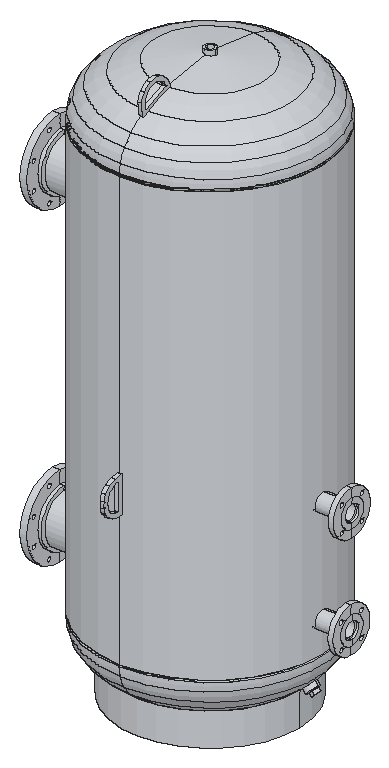
Revit family "HBT-210-26", category Generic Models, Revit 2014
Parameters (values of type "HBT-210-26")
  height [instance] = 75"
  URL = "http://westank.com/"
  Tank Volume = 210 gal
  Part Number = 55642126
  Model = "HBT-210-26"
  Maximum Shipping Weight = 454 lbf
  G = 14"
  F = 28"
  E = 58"
  Description = "Wessels ASME 4 Port Hot Water Buffer Tanks (HBT) are designed for use with today’s high efficiency systems that incorporate small modular low-mass boiler."
  D = 76 1/2"
  C = 30"
  B = 6"
  A = 2"
Reference planes (in)
  plane 1 "Center (Front/Back)": y = 0
  plane 2: z = 0
  plane 3 "Center (Left/Right)": x = 0
  plane 4: through (12.55282, -180, 5.24135) normal (0.8192, 0, -0.5736)
  plane 5: x = -15
  plane 6: x = 15
  plane 7: z = 0
  plane 8: y = 15
  plane 9: y = -15
  plane 10: x = -12
  plane 11: x = 12
  plane 12: z = 76.5
  plane 13: z = 58
  plane 14: z = 28
  plane 15: z = 14
Forms (in)
  Revolve 1, solid
    sketch origin (0, -0.02461, 0) x (0, 1, 0) y (0, 0, 1)
      loop
        line (-14.97539, 9.87397) -> (-14.812, 9.87397)
        arc (-14.812, 9.87397) -> (-14.83596, 9.78454) -> (-14.90143, 9.71907) r 0.17887
        arc (-14.90143, 9.71907) -> (-14.94991, 9.64836) -> (-14.97579, 9.56662) r 0.29232
        arc (-14.97579, 9.56662) -> (-14.96586, 8.98455) -> (-14.89468, 8.40676) r 5.51955
        arc (-14.89468, 8.40676) -> (-14.65184, 7.56116) -> (-14.23912, 6.78419) r 4.22443
        arc (-14.23912, 6.78419) -> (-13.71208, 6.0842) -> (-13.11424, 5.44361) r 8.30764
        arc (-13.11424, 5.44361) -> (-11.99363, 4.5369) -> (-10.73315, 3.83755) r 8.30764
        arc (-10.73315, 3.83755) -> (-9.02248, 3.06195) -> (-7.23223, 2.49367) r 15.88746
        arc (-7.23223, 2.49367) -> (-3.63165, 1.79117) -> (0.02461, 1.49214) r 33.04234
        line (0.02461, 1.49214) -> (0.02461, 1.66407)
        arc (0.02461, 1.66407) -> (-3.61037, 1.96174) -> (-7.19, 2.66027) r 32.87047
        arc (-7.19, 2.66027) -> (-8.96351, 3.22342) -> (-10.65802, 3.99223) r 15.71558
        arc (-10.65802, 3.99223) -> (-11.8952, 4.67783) -> (-12.99495, 5.56734) r 8.13577
        arc (-12.99495, 5.56734) -> (-13.58042, 6.19468) -> (-14.09655, 6.88019) r 8.13577
        arc (-14.09655, 6.88019) -> (-14.49248, 7.62554) -> (-14.72544, 8.43674) r 4.05256
        arc (-14.72544, 8.43674) -> (-14.79395, 8.9901) -> (-14.80447, 9.54759) r 5.34767
        arc (-14.80447, 9.54759) -> (-14.7971, 9.56945) -> (-14.78569, 9.5895) r 0.12044
        arc (-14.78569, 9.5895) -> (-14.67439, 9.72277) -> (-14.64064, 9.89308) r 0.35074
        line (-14.64064, 9.89308) -> (-14.84715, 9.89308) -> (-14.84715, 68.08064) -> (-14.64151, 68.08064)
        arc (-14.64151, 68.08064) -> (-14.67184, 68.25757) -> (-14.78573, 68.39633) r 0.35074
        arc (-14.78573, 68.39633) -> (-14.79712, 68.41638) -> (-14.80449, 68.43823) r 0.12045
        arc (-14.80449, 68.43823) -> (-14.79397, 68.99572) -> (-14.72546, 69.54908) r 5.34768
        arc (-14.72546, 69.54908) -> (-14.4925, 70.36028) -> (-14.09657, 71.10564) r 4.05257
        arc (-14.09657, 71.10564) -> (-13.58043, 71.79115) -> (-12.99497, 72.41848) r 8.13578
        arc (-12.99497, 72.41848) -> (-11.89524, 73.30799) -> (-10.65807, 73.99358) r 8.13578
        arc (-10.65807, 73.99358) -> (-8.96355, 74.76239) -> (-7.19005, 75.32553) r 15.71558
        arc (-7.19005, 75.32553) -> (-3.61055, 76.02404) -> (0.02429, 76.32172) r 32.87045
        line (0.02429, 76.32172) -> (0.02429, 76.49546)
        arc (0.02429, 76.49546) -> (-3.63245, 76.19641) -> (-7.2335, 75.49382) r 33.04334
        arc (-7.2335, 75.49382) -> (-9.02402, 74.92542) -> (-10.73493, 74.14967) r 15.88853
        arc (-10.73493, 74.14967) -> (-11.99625, 73.44992) -> (-13.11754, 72.54258) r 8.30893
        arc (-13.11754, 72.54258) -> (-13.7162, 71.90114) -> (-14.24389, 71.20015) r 8.30923
        arc (-14.24389, 71.20015) -> (-14.65697, 70.4227) -> (-14.90005, 69.57655) r 4.22701
        arc (-14.90005, 69.57655) -> (-14.97148, 68.99602) -> (-14.98111, 68.41119) r 5.52257
        arc (-14.98111, 68.41119) -> (-14.95423, 68.32481) -> (-14.90267, 68.25048) r 0.29803
        arc (-14.90267, 68.25048) -> (-14.837, 68.18345) -> (-14.81302, 68.09272) r 0.18362
        line (-14.81302, 68.09272) -> (-14.97539, 68.09272) -> (-14.97539, 9.87397)
      axis (0.02461, 1.49214) -> (0.02461, 76.49546)
    angle from 0 to 360
  Revolve 2, solid
    sketch origin (-1.82085, 0, 2.88409) x (0.981353, 0, -0.192215) y (0.192215, 0, 0.981353)
      loop
        line (14.71753, 6.11956) -> (14.66586, 6.1556) -> (14.25436, 5.56561) -> (14.86992, 5.13627) -> (15.24588, 5.6753) -> (15.19462, 5.71106) -> (15.31904, 5.88945) -> (14.80641, 6.24699) -> (14.71753, 6.11956)
      axis (14.25436, 5.56561) -> (14.86992, 5.13627)
    angle from 0 to 360
  Extrusion 3, solid
    sketch origin (13.38203, -180, 6.13049) x (0.718765, 0, 0.695254) y (0, -1, 0)
      loop
        line (-0.16036, -179.52645) -> (-0.95521, -179.68698) -> (-0.79485, -180.48095) -> (0, -180.32042) -> (-0.16036, -179.52645)
    from 1.02698 to 1.52678
  Extrusion 4, solid
    sketch origin (0, -3.06035, 6.47257) x (0, 1, 0) y (0, 0, 1)
      loop
        line (-11.93439, 21.33067) -> (-11.93439, 26.202)
        arc (-11.93439, 26.202) -> (-12.47846, 26.15164) -> (-13.01533, 26.05008) r 5.77422
        arc (-13.01533, 26.05008) -> (-13.49297, 25.89754) -> (-13.94252, 25.67548) r 3.35288
        arc (-13.94252, 25.67548) -> (-14.34081, 25.36666) -> (-14.64962, 24.96837) r 2.0073
        arc (-14.64962, 24.96837) -> (-14.80343, 24.58932) -> (-14.88788, 24.18906) r 2.30742
        arc (-14.88788, 24.18906) -> (-14.91277, 23.77188) -> (-14.88788, 23.3547) r 3.50846
        arc (-14.88788, 23.3547) -> (-14.79412, 22.92876) -> (-14.61961, 22.52904) r 2.24053
        arc (-14.61961, 22.52904) -> (-14.27401, 22.08806) -> (-13.80999, 21.77406) r 1.8078
        arc (-13.80999, 21.77406) -> (-13.34321, 21.55591) -> (-12.84107, 21.44044) r 2.44481
        arc (-12.84107, 21.44044) -> (-12.39043, 21.36326) -> (-11.93439, 21.33067) r 4.65484
      loop
        arc (-12.44611, 25.63929) -> (-12.67227, 25.60073) -> (-12.89654, 25.55235) r 5.2625
        arc (-12.89654, 25.55235) -> (-13.30128, 25.42308) -> (-13.68221, 25.23491) r 2.84116
        arc (-13.68221, 25.23491) -> (-13.97364, 25.01013) -> (-14.20134, 24.72098) r 1.49558
        arc (-14.20134, 24.72098) -> (-14.3163, 24.43235) -> (-14.37979, 24.12821) r 1.7957
        arc (-14.37979, 24.12821) -> (-14.40106, 23.77188) -> (-14.37979, 23.41555) r 2.99674
        arc (-14.37979, 23.41555) -> (-14.30745, 23.08689) -> (-14.17279, 22.77846) r 1.72881
        arc (-14.17279, 22.77846) -> (-13.91552, 22.45353) -> (-13.56884, 22.22643) r 1.29608
        arc (-13.56884, 22.22643) -> (-13.1779, 22.0402) -> (-12.75531, 21.94566) r 1.9331
        arc (-12.75531, 21.94566) -> (-12.60126, 21.91347) -> (-12.44611, 21.88716) r 4.14312
        line (-12.44611, 21.88716) -> (-12.44611, 25.63929)
    from -0.24366 to 0.25634
  Extrusion 5, solid
    sketch origin (0, -27.08534, 55.11684) x (0, 0.366501, -0.930418) y (0, 0.930418, 0.366501)
      loop
        arc (-12.0461, 25.71684) -> (-12.27227, 25.67827) -> (-12.49653, 25.62989) r 5.2625
        arc (-12.49653, 25.62989) -> (-12.90127, 25.50063) -> (-13.28221, 25.31246) r 2.84116
        arc (-13.28221, 25.31246) -> (-13.57363, 25.08767) -> (-13.80134, 24.79853) r 1.49558
        arc (-13.80134, 24.79853) -> (-13.9163, 24.50989) -> (-13.97979, 24.20576) r 1.7957
        arc (-13.97979, 24.20576) -> (-14.00105, 23.84943) -> (-13.97979, 23.4931) r 2.99674
        arc (-13.97979, 23.4931) -> (-13.90744, 23.16443) -> (-13.77279, 22.85601) r 1.72881
        arc (-13.77279, 22.85601) -> (-13.51552, 22.53108) -> (-13.16884, 22.30397) r 1.29608
        arc (-13.16884, 22.30397) -> (-12.77789, 22.11774) -> (-12.35531, 22.02321) r 1.9331
        arc (-12.35531, 22.02321) -> (-12.20126, 21.99102) -> (-12.0461, 21.9647) r 4.14312
        line (-12.0461, 21.9647) -> (-12.0461, 25.71684)
      loop
        line (-11.21056, 21.38893) -> (-11.21056, 26.21559)
        arc (-11.21056, 26.21559) -> (-12.19615, 26.22001) -> (-13.14349, 25.94808) r 3.48194
        arc (-13.14349, 25.94808) -> (-13.66357, 25.64991) -> (-14.11481, 25.25524) r 3.03185
        arc (-14.11481, 25.25524) -> (-14.39878, 24.60234) -> (-14.51622, 23.90011) r 2.91879
        arc (-14.51622, 23.90011) -> (-14.4511, 23.22451) -> (-14.20241, 22.59298) r 2.44012
        arc (-14.20241, 22.59298) -> (-13.8323, 22.13222) -> (-13.33474, 21.8133) r 1.83162
        arc (-13.33474, 21.8133) -> (-12.29509, 21.48877) -> (-11.21056, 21.38893) r 5.1769
    from -0.24366 to 0.25634
  Extrusion 6, solid
    sketch origin (0, 0, 4.5) x (1, 0, 0) y (0, 1, 0)
      loop
        circle (0, 0) r 0.75
      loop
        circle (0, 0) r 0.5
    from 71.36613 to 72.49354
  Extrusion 7, void
    sketch origin (0, 0, 0) x (1, 0, 0) y (0, 1, 0)
      loop
        circle (0, 0) r 0.5
    from 75.15264 to 77.67465
  Revolve 8, solid
    sketch origin (0, 0, 0) x (1, 0, 0) y (0, 0, 1)
      loop
        line (11.87609, 4.44941) -> (11.87609, 0) -> (12, 0) -> (12, 4.44941) -> (11.87609, 4.44941)
      axis (0, 4.44941) -> (0, 0)
    angle from 0 to 360
  Revolve 9, solid
    sketch origin (-7.11882, 0, 1.28348) x (1, 0, 0) y (0, 0, 1)
      loop
        line (24.99382, 11.53157) -> (24.99382, 10.96875) -> (25.24382, 10.96875) -> (25.24382, 9.71837) -> (25.93132, 9.71837) -> (25.93132, 10.90594) -> (25.99382, 10.90594) -> (25.99382, 11.53157) -> (24.99382, 11.53157)
      axis (25.99382, 12.71652) -> (24.99382, 12.71652)
    angle from 0 to 360
  Revolve 10, solid
    sketch origin (-5.17131, 0, 1.5) x (-1, 0, 0) y (0, 0, -1)
      loop
        line (-17.17131, -11.46847) -> (-17.17131, -11.31445) -> (-23.67131, -11.31445) -> (-23.67131, -11.46847) -> (-17.17131, -11.46847)
      axis (-23.67131, -12.5) -> (-17.17131, -12.5)
    angle from 0 to 360
  Extrusion 11, void
    sketch origin (2.87592, 0, 1.00195) x (0, 1, 0) y (0, 0, 1)
      loop
        circle (1.68454, 14.67389) r 0.38273
      loop
        circle (-1.69766, 14.67389) r 0.37635
      loop
        circle (-1.66641, 11.31003) r 0.35289
      loop
        circle (1.70166, 11.31003) r 0.37084
    from 13.49462 to 18.49167
  Revolve 12, solid
    sketch origin (-7.05645, 0, 15.28348) x (1, 0, 0) y (0, 0, 1)
      loop
        line (24.99382, 11.53157) -> (24.99382, 10.96875) -> (25.24382, 10.96875) -> (25.24382, 9.71837) -> (25.93132, 9.71837) -> (25.93132, 10.90594) -> (25.99382, 10.90594) -> (25.99382, 11.53157) -> (24.99382, 11.53157)
      axis (25.99382, 12.71652) -> (24.99382, 12.71652)
    angle from 0 to 360
  Revolve 13, solid
    sketch origin (-5.10894, 0, 15.5) x (-1, 0, 0) y (0, 0, -1)
      loop
        line (-17.17131, -11.46847) -> (-17.17131, -11.31445) -> (-23.67131, -11.31445) -> (-23.67131, -11.46847) -> (-17.17131, -11.46847)
      axis (-23.67131, -12.5) -> (-17.17131, -12.5)
    angle from 0 to 360
  Extrusion 14, void
    sketch origin (2.93829, 0, 15.00195) x (0, 1, 0) y (0, 0, 1)
      loop
        circle (1.68454, 14.67389) r 0.38273
      loop
        circle (-1.69766, 14.67389) r 0.37635
      loop
        circle (-1.66641, 11.31003) r 0.35289
      loop
        circle (1.70166, 11.31003) r 0.37084
    from 13.49462 to 18.49167
  Extrusion 15, void
    sketch origin (0.96338, 0, 4.24902) x (0, 1, 0) y (0, 0, 1)
      loop
        circle (0, 23.75098) r 1.03153
    from 10.06157 to 17.27456
  Revolve 16, solid
    sketch origin (-3.19221, 0, 43.49859) x (-1, 0, 0) y (0, 0, 1)
      loop
        line (16.25, 9.6883) -> (16.25, 9.21998) -> (16.8125, 9.21998) -> (16.8125, 7.50131) -> (17.75, 7.50131) -> (17.75, 8.75121) -> (17.8125, 8.75121) -> (17.8125, 9.6883) -> (16.25, 9.6883)
      axis (17.8125, 13.00131) -> (16.25, 13.00131)
    angle from 0 to 360
  Revolve 17, solid
    sketch origin (-1.00355, 0, 43.49878) x (1, 0, 0) y (0, 0, 1)
      loop
        line (-13.37585, 9.9691) -> (-19.49284, 9.9691) -> (-19.49284, 9.68872) -> (-13.37585, 9.68872) -> (-13.37585, 9.9691)
      axis (-19.49284, 13.00122) -> (-13.37585, 13.00122)
    angle from 0 to 360
  Revolve 18, solid
    sketch origin (-3.19252, 0, 0.99859) x (-1, 0, 0) y (0, 0, 1)
      loop
        line (16.25, 9.6883) -> (16.25, 9.21998) -> (16.8125, 9.21998) -> (16.8125, 7.50131) -> (17.75, 7.50131) -> (17.75, 8.75121) -> (17.8125, 8.75121) -> (17.8125, 9.6883) -> (16.25, 9.6883)
      axis (17.8125, 13.00131) -> (16.25, 13.00131)
    angle from 0 to 360
  Revolve 19, solid
    sketch origin (-1.00386, 0, 0.99878) x (1, 0, 0) y (0, 0, 1)
      loop
        line (-13.37585, 9.9691) -> (-19.49284, 9.9691) -> (-19.49284, 9.68872) -> (-13.37585, 9.68872) -> (-13.37585, 9.9691)
      axis (-19.49284, 13.00122) -> (-13.37585, 13.00122)
    angle from 0 to 360
  Extrusion 20, void
    sketch origin (0, 0, 0) x (0, 1, 0) y (0, 0, 1)
      loop
        circle (-1.79295, 60.8801) r 0.37808
      loop
        circle (-4.39388, 58.30813) r 0.36636
      loop
        circle (-4.3719, 54.69629) r 0.36518
      loop
        circle (-1.81207, 52.11225) r 0.36594
      loop
        circle (1.84285, 52.11225) r 0.36781
      loop
        circle (4.4251, 54.67829) r 0.38313
      loop
        circle (4.41084, 58.34273) r 0.39321
      loop
        circle (1.83479, 60.90678) r 0.39331
    from -23.47742 to -17.49499
  Extrusion 21, void
    sketch origin (0, 0, -42.5) x (0, 1, 0) y (0, 0, 1)
      loop
        circle (-1.79295, 60.8801) r 0.37808
      loop
        circle (-4.39388, 58.30813) r 0.36636
      loop
        circle (-4.3719, 54.69629) r 0.36518
      loop
        circle (-1.81207, 52.11225) r 0.36594
      loop
        circle (1.84285, 52.11225) r 0.36781
      loop
        circle (4.4251, 54.67829) r 0.38313
      loop
        circle (4.41084, 58.34273) r 0.39321
      loop
        circle (1.83479, 60.90678) r 0.39331
    from -23.47742 to -17.49499
  Extrusion 22, void
    sketch origin (0, 0, 0) x (0, 1, 0) y (0, 0, 1)
      loop
        circle (0, 14) r 3.03212
    from -24.71918 to -9.54876
  Extrusion 23, void
    sketch origin (0, 0, 42.5) x (0, 1, 0) y (0, 0, 1)
      loop
        circle (0, 14) r 3.03212
    from -24.71918 to -9.54876
  Extrusion 24, void
    sketch origin (0.96338, 0, -9.75098) x (0, 1, 0) y (0, 0, 1)
      loop
        circle (0, 23.75098) r 1.03153
    from 10.06157 to 17.27456
Cuts and joins
  joined: Extrusion 3, Extrusion 4, Extrusion 5, Extrusion 6, Revolve 8
  Extrusion 7, Extrusion 15, Extrusion 22, Extrusion 23, Extrusion 24 cuts Revolve 1
  Extrusion 11 cuts Revolve 9
  Extrusion 14 cuts Revolve 12
  Extrusion 15, Extrusion 24 cuts Revolve 13
  Extrusion 20 cuts Revolve 16
  Extrusion 21 cuts Revolve 18
  Extrusion 22 cuts Revolve 19
  Extrusion 23 cuts Revolve 17
Dimensions and locks (in)
  equal spacing: plane 6, plane 3 "Center (Left/Right)", plane 5  (x2)
  "D": plane 12 to level
  "E": plane 13 to plane 7
  "F": plane 14 to plane 7
  "G": plane 15 to plane 7
  "C": plane 6 to plane 5
  aligned and locked: plane 2 to level
  aligned and locked: Revolve 8 sketch curve to plane 3 "Center (Left/Right)"
Automatic sketch dimensions
  Revolve 1 sketch curve to Revolve 1 sketch curve = 0"  (x33)
  Revolve 1 sketch curve to plane 9 = 0"
  Revolve 1 sketch curve to plane 1 "Center (Front/Back)" = 0"  (x2)
  Revolve 1 sketch curve to Revolve 1 sketch curve = 0.01547"
  plane 9 to Revolve 1 sketch curve = 0.01547"
  Revolve 1 sketch curve to Revolve 1 sketch curve = 0.00578"
  Revolve 1 sketch curve to plane 9 = 0.12824"
  Revolve 1 sketch curve to Revolve 1 sketch curve = 0.03413"
  Revolve 1 sketch curve to Revolve 1 sketch curve = 9/256"
  Revolve 1 sketch curve to plane 9 = 0.28821"
  Revolve 1 sketch curve to plane 9 = 0.28822"
  Revolve 1 sketch curve to Revolve 1 sketch curve = 0.00078"
  Revolve 1 sketch curve to Revolve 1 sketch curve = 0.17151"
  Revolve 1 sketch curve to Revolve 1 sketch curve = 0.17135"
  Revolve 1 sketch curve to Revolve 1 sketch curve = 3.94929"
  Revolve 1 sketch curve to Revolve 1 sketch curve = 0.00287"
  Revolve 1 sketch curve to Revolve 1 sketch curve = 3.95216"
  Revolve 1 sketch curve to Revolve 1 sketch curve = 1.2728"
  Revolve 1 sketch curve to Revolve 1 sketch curve = 0.00246"
  Revolve 1 sketch curve to Revolve 1 sketch curve = 1.27526"
  Revolve 1 sketch curve to Revolve 1 sketch curve = 2.11145"
  Revolve 1 sketch curve to Revolve 1 sketch curve = 0.00084"
  Revolve 1 sketch curve to Revolve 1 sketch curve = 0.00187"
  Revolve 1 sketch curve to Revolve 1 sketch curve = 2.11171"
  plane 1 "Center (Front/Back)" to Revolve 1 sketch curve = 3.35442"
  Revolve 1 sketch curve to Revolve 1 sketch curve = 0.00082"
  plane 1 "Center (Front/Back)" to Revolve 1 sketch curve = 3.35353"
  plane 1 "Center (Front/Back)" to Revolve 1 sketch curve = 0.00031"
  Revolve 1 sketch curve to plane 1 "Center (Front/Back)" = 0.86039"
  Revolve 1 sketch curve to Revolve 1 sketch curve = 0.00067"
  Revolve 1 sketch curve to plane 1 "Center (Front/Back)" = 0.86116"
  level to Revolve 1 sketch curve = 1.49214"
  Revolve 1 sketch curve to Revolve 1 sketch curve = 0.17193"
  Revolve 1 sketch curve to plane 15 = 4.85634"
  Revolve 1 sketch curve to Revolve 1 sketch curve = 0.22592"
  Revolve 1 sketch curve to Revolve 1 sketch curve = 0.37656"
  Revolve 1 sketch curve to Revolve 1 sketch curve = 0.35376"
  Revolve 1 sketch curve to Revolve 1 sketch curve = 0.01911"  (x2)
  Revolve 1 sketch curve to plane 15 = 2.57575"
  plane 15 to Revolve 1 sketch curve = 3.89417"
  plane 14 to Revolve 1 sketch curve = 6.52326"
  Revolve 1 sketch curve to Revolve 1 sketch curve = 8.9393"
  Revolve 1 sketch curve to Revolve 1 sketch curve = 0.00077"
  plane 13 to Revolve 1 sketch curve = 2.09163"
  Revolve 1 sketch curve to Revolve 1 sketch curve = 0.00068"
  Revolve 1 sketch curve to Revolve 1 sketch curve = 6.46799"
  Revolve 1 sketch curve to Revolve 1 sketch curve = 0.00123"
  Revolve 1 sketch curve to Revolve 1 sketch curve = 0.00005"
  Revolve 1 sketch curve to Revolve 1 sketch curve = 1.52034"
  Revolve 1 sketch curve to Revolve 1 sketch curve = 0.01209"
  Revolve 1 sketch curve to Revolve 1 sketch curve = 0.3749"
  Revolve 1 sketch curve to Revolve 1 sketch curve = 0.01007"
  Revolve 1 sketch curve to Revolve 1 sketch curve = 2.05124"
  Revolve 1 sketch curve to Revolve 1 sketch curve = 0.00348"
  Revolve 1 sketch curve to Revolve 1 sketch curve = 0.2261"
  Revolve 1 sketch curve to Revolve 1 sketch curve = 0.0033"
  Revolve 1 sketch curve to plane 12 = 0.17828"
  Revolve 1 sketch curve to plane 12 = 0.00454"
  plane 9 to Revolve 1 sketch curve = 0.0004"
  plane 9 to Revolve 1 sketch curve = 0.00572"
  Revolve 1 sketch curve to plane 9 = 0.07272"
  Revolve 1 sketch curve to plane 9 = 0.07396"
  Revolve 1 sketch curve to Revolve 1 sketch curve = 0.11808"
  Revolve 1 sketch curve to Revolve 1 sketch curve = 0.11729"
  Revolve 1 sketch curve to Revolve 1 sketch curve = 0.01876"
  Revolve 1 sketch curve to Revolve 1 sketch curve = 0.01878"
  Revolve 1 sketch curve to Revolve 1 sketch curve = 0.14732"
  Revolve 1 sketch curve to Revolve 1 sketch curve = 0.97903"
  Revolve 1 sketch curve to Revolve 1 sketch curve = 0.98231"
  Revolve 1 sketch curve to Revolve 1 sketch curve = 0.12257"
  Revolve 1 sketch curve to Revolve 1 sketch curve = 0.1193"
  Revolve 1 sketch curve to plane 12 = 2.35033"
  Revolve 1 sketch curve to Revolve 1 sketch curve = 2.26179"
  Revolve 1 sketch curve to Revolve 1 sketch curve = 0.07686"
  Revolve 1 sketch curve to Revolve 1 sketch curve = 0.07513"
  plane 14 to Revolve 1 sketch curve = 0.89308"
  Revolve 1 sketch curve to Revolve 1 sketch curve = 1.88017"
  plane 4 to Revolve 2 sketch curve = 0.35169"
  plane 11 to Revolve 2 sketch curve = 1.2375"
  Revolve 2 sketch curve to Revolve 2 sketch curve = 0.4115"
  Revolve 2 sketch curve to Revolve 2 sketch curve = 0.05167"
  Revolve 2 sketch curve to Revolve 2 sketch curve = 0.08888"
  Revolve 2 sketch curve to Revolve 2 sketch curve = 0.61556"
  Revolve 2 sketch curve to Revolve 2 sketch curve = 0.47709"
  Revolve 2 sketch curve to Revolve 2 sketch curve = 0.05126"
  Revolve 2 sketch curve to Revolve 2 sketch curve = 0.42934"
  Revolve 2 sketch curve to Revolve 2 sketch curve = 0.12768"
  Revolve 2 sketch curve to Revolve 2 sketch curve = 0"  (x2)
  Revolve 2 sketch curve to Revolve 2 sketch curve = 0.08905"
  plane 1 "Center (Front/Back)" to Extrusion 3 sketch curve = 0.31302"
  Extrusion 3 sketch curve to plane 1 "Center (Front/Back)" = 0.48095"
  Extrusion 3 sketch curve to Extrusion 3 sketch curve = 0.16036"  (x2)
  plane 1 "Center (Front/Back)" to Extrusion 3 sketch curve = 0.47355"
  Extrusion 3 sketch curve to Extrusion 3 sketch curve = 0.79485"
  Extrusion 3 sketch curve to plane 1 "Center (Front/Back)" = 0.32042"
  Extrusion 4 sketch curve to Extrusion 4 sketch curve = 0"  (x24)
  plane 9 to Extrusion 4 sketch curve = 1.10144"
  Extrusion 4 sketch curve to Extrusion 4 sketch curve = 0.11966"
  Extrusion 4 sketch curve to Extrusion 4 sketch curve = 0.25819"
  Extrusion 4 sketch curve to Extrusion 4 sketch curve = 17/256"
  Extrusion 4 sketch curve to Extrusion 4 sketch curve = 0.04958"
  plane 9 to Extrusion 4 sketch curve = 0.50646"
  plane 9 to Extrusion 4 sketch curve = 0.29731"
  Extrusion 4 sketch curve to plane 9 = 0.00526"
  Extrusion 4 sketch curve to plane 9 = 0.10864"
  Extrusion 4 sketch curve to plane 9 = 0.26481"
  Extrusion 4 sketch curve to plane 9 = 0.53533"
  Extrusion 4 sketch curve to plane 14 = 1.09381"
  Extrusion 4 sketch curve to plane 14 = 0.19675"
  plane 14 to Extrusion 4 sketch curve = 0.35973"
  Extrusion 4 sketch curve to Extrusion 4 sketch curve = 0.90165"
  Extrusion 4 sketch curve to Extrusion 4 sketch curve = 0.62139"
  Extrusion 4 sketch curve to Extrusion 4 sketch curve = 27/128"
  Extrusion 4 sketch curve to Extrusion 4 sketch curve = 0.15076"
  Extrusion 4 sketch curve to Extrusion 4 sketch curve = 0.24641"
  Extrusion 4 sketch curve to Extrusion 4 sketch curve = 0.04716"
  Extrusion 4 sketch curve to Extrusion 4 sketch curve = 0.0326"
  Extrusion 4 sketch curve to Extrusion 4 sketch curve = 1.7246"
  Extrusion 4 sketch curve to Extrusion 4 sketch curve = 0.34507"
  Extrusion 4 sketch curve to Extrusion 4 sketch curve = 0.21764"
  plane 14 to Extrusion 4 sketch curve = 0.699"
  Extrusion 4 sketch curve to Extrusion 4 sketch curve = 1.12273"
  Extrusion 4 sketch curve to Extrusion 4 sketch curve = 0.78568"
  plane 14 to Extrusion 4 sketch curve = 0.24664"
  Extrusion 4 sketch curve to Extrusion 4 sketch curve = 0.24115"
  Extrusion 4 sketch curve to Extrusion 4 sketch curve = 0.2603"
  Extrusion 4 sketch curve to Extrusion 4 sketch curve = 0.51913"
  Extrusion 4 sketch curve to Extrusion 4 sketch curve = 0.44829"
  Extrusion 5 sketch curve to plane 12 = 1.01338"
  Extrusion 5 sketch curve to plane 9 = 5.13509"
  Extrusion 5 sketch curve to Extrusion 5 sketch curve = 0.03301"
  Extrusion 5 sketch curve to Extrusion 5 sketch curve = 0.08665"
  Extrusion 5 sketch curve to Extrusion 5 sketch curve = 0.34483"
  Extrusion 5 sketch curve to Extrusion 5 sketch curve = 17/256"
  Extrusion 5 sketch curve to Extrusion 5 sketch curve = 0.04958"
  Extrusion 5 sketch curve to Extrusion 5 sketch curve = 0.06885"
  Extrusion 5 sketch curve to Extrusion 5 sketch curve = 0.15073"
  Extrusion 5 sketch curve to Extrusion 5 sketch curve = 0.36028"
  Extrusion 5 sketch curve to Extrusion 5 sketch curve = 0.06601"
  Extrusion 5 sketch curve to Extrusion 5 sketch curve = 0.11815"
  Extrusion 5 sketch curve to Extrusion 5 sketch curve = 0.47821"
  Extrusion 5 sketch curve to Extrusion 5 sketch curve = 0.6151"
  Extrusion 5 sketch curve to Extrusion 5 sketch curve = 0.15011"
  Extrusion 5 sketch curve to Extrusion 5 sketch curve = 0.77126"
  Extrusion 5 sketch curve to Extrusion 5 sketch curve = 0.22045"
  Extrusion 5 sketch curve to Extrusion 5 sketch curve = 0.59588"
  Extrusion 5 sketch curve to Extrusion 5 sketch curve = 0.3061"
  Extrusion 5 sketch curve to Extrusion 5 sketch curve = 0.31529"
  Extrusion 5 sketch curve to Extrusion 5 sketch curve = 0.0954"
  Extrusion 5 sketch curve to Extrusion 5 sketch curve = 0.80625"
  Extrusion 5 sketch curve to Extrusion 5 sketch curve = 0.57577"
  Extrusion 5 sketch curve to Extrusion 5 sketch curve = 0.87777"
  Extrusion 5 sketch curve to Extrusion 5 sketch curve = 0.00686"
  Extrusion 5 sketch curve to Extrusion 5 sketch curve = 0.20406"
  Extrusion 5 sketch curve to Extrusion 5 sketch curve = 0.59172"
  Extrusion 5 sketch curve to Extrusion 5 sketch curve = 0.09548"
  Extrusion 5 sketch curve to Extrusion 5 sketch curve = 0.07607"
  Extrusion 5 sketch curve to Extrusion 5 sketch curve = 0.15093"
  Extrusion 5 sketch curve to Extrusion 5 sketch curve = 0.04716"
  Extrusion 5 sketch curve to Extrusion 5 sketch curve = 0.0326"
  Extrusion 5 sketch curve to Extrusion 5 sketch curve = 1.7246"
  Extrusion 5 sketch curve to Extrusion 5 sketch curve = 0.34507"
  Extrusion 5 sketch curve to Extrusion 5 sketch curve = 0.15369"
  Extrusion 5 sketch curve to Extrusion 5 sketch curve = 0.34976"
  Extrusion 5 sketch curve to Extrusion 5 sketch curve = 0"  (x6)
  Extrusion 5 sketch curve to Extrusion 5 sketch curve = 0.1659"
  Extrusion 5 sketch curve to Extrusion 5 sketch curve = 0.13872"
  Extrusion 5 sketch curve to Extrusion 5 sketch curve = 0.42962"
  Extrusion 5 sketch curve to Extrusion 5 sketch curve = 0.51913"
  Extrusion 5 sketch curve to Extrusion 5 sketch curve = 0.31348"
  Extrusion 6 sketch curve to Extrusion 6 sketch curve = 0"  (x2)
  plane 1 "Center (Front/Back)" to Extrusion 6 sketch curve = 0"
  Extrusion 6 sketch curve to plane 3 "Center (Left/Right)" = 0"
  Extrusion 7 sketch curve to Extrusion 7 sketch curve = 0"  (x2)
  plane 1 "Center (Front/Back)" to Extrusion 7 sketch curve = 0"
  Extrusion 7 sketch curve to plane 3 "Center (Left/Right)" = 0"
  Extrusion 7 sketch curve to plane 3 "Center (Left/Right)" = 1/2"
  Revolve 8 sketch curve to level = 0"
  Revolve 8 sketch curve to plane 11 = 0"
  Revolve 8 sketch curve to plane 11 = 0.12391"
  level to Revolve 8 sketch curve = 4.44941"
  level to Revolve 8 sketch curve = 4.69941"
  Revolve 8 sketch curve to Revolve 8 sketch curve = 1"
  Revolve 9 sketch curve to plane 15 = 0"
  Revolve 9 sketch curve to plane 11 = 0"
  plane 6 to Revolve 9 sketch curve = 2 7/8"
  Revolve 9 sketch curve to Revolve 9 sketch curve = 1/4"
  Revolve 9 sketch curve to Revolve 9 sketch curve = 11/16"
  Revolve 9 sketch curve to Revolve 9 sketch curve = 1/16"
  Revolve 9 sketch curve to plane 15 = 1.18495"
  Revolve 9 sketch curve to Revolve 9 sketch curve = 0.56282"
  Revolve 9 sketch curve to Revolve 9 sketch curve = 0.62563"
  Revolve 9 sketch curve to Revolve 9 sketch curve = 1.25038"
  plane 3 "Center (Left/Right)" to Revolve 9 sketch curve = 4 3/4"
  Revolve 10 sketch curve to plane 11 = 0"
  Revolve 10 sketch curve to plane 15 = 0"
  Revolve 10 sketch curve to plane 15 = 1.03153"
  plane 6 to Revolve 10 sketch curve = 3 1/2"
  Revolve 10 sketch curve to Revolve 10 sketch curve = 0.15401"
  Revolve 10 sketch curve to plane 11 = 1/4"
  Revolve 10 sketch curve to Revolve 10 sketch curve = 3/4"
  plane 1 "Center (Front/Back)" to Extrusion 11 sketch curve = 1.69766"
  plane 1 "Center (Front/Back)" to Extrusion 11 sketch curve = 1.66641"
  Extrusion 11 sketch curve to plane 1 "Center (Front/Back)" = 1.68454"
  Extrusion 11 sketch curve to plane 1 "Center (Front/Back)" = 1.70166"
  Extrusion 11 sketch curve to plane 15 = 1.68801"  (x2)
  plane 15 to Extrusion 11 sketch curve = 1.67584"  (x2)
  Revolve 12 sketch curve to plane 14 = 0"
  plane 6 to Revolve 12 sketch curve = 2.93736"
  Revolve 12 sketch curve to Revolve 12 sketch curve = 1/4"
  Revolve 12 sketch curve to Revolve 12 sketch curve = 11/16"
  Revolve 12 sketch curve to Revolve 12 sketch curve = 1/16"
  Revolve 12 sketch curve to plane 14 = 1.18495"
  Revolve 12 sketch curve to Revolve 12 sketch curve = 0.56282"
  Revolve 12 sketch curve to Revolve 12 sketch curve = 0.62563"
  Revolve 12 sketch curve to Revolve 12 sketch curve = 1.25038"
  plane 11 to Revolve 12 sketch curve = 0.06237"
  plane 3 "Center (Left/Right)" to Revolve 12 sketch curve = 4.81237"
  Revolve 13 sketch curve to plane 14 = 0"
  Revolve 13 sketch curve to plane 14 = 1.03153"
  plane 6 to Revolve 13 sketch curve = 3.56237"
  plane 11 to Revolve 13 sketch curve = 0.06237"
  Revolve 13 sketch curve to Revolve 13 sketch curve = 0.15401"
  Revolve 13 sketch curve to plane 11 = 0.18763"
  Revolve 13 sketch curve to Revolve 13 sketch curve = 3/4"
  plane 1 "Center (Front/Back)" to Extrusion 14 sketch curve = 1.69766"
  plane 1 "Center (Front/Back)" to Extrusion 14 sketch curve = 1.66641"
  Extrusion 14 sketch curve to plane 1 "Center (Front/Back)" = 1.68454"
  Extrusion 14 sketch curve to plane 1 "Center (Front/Back)" = 1.70166"
  Extrusion 14 sketch curve to plane 14 = 1.68801"  (x2)
  plane 14 to Extrusion 14 sketch curve = 1.67584"  (x2)
  Extrusion 15 sketch curve to Extrusion 15 sketch curve = 0"  (x2)
  Extrusion 15 sketch curve to plane 1 "Center (Front/Back)" = 0"
  Extrusion 15 sketch curve to plane 14 = 0"
  Extrusion 15 sketch curve to plane 14 = 1.03153"
  plane 5 to Revolve 16 sketch curve = 4.44221"
  Revolve 16 sketch curve to Revolve 16 sketch curve = 9/16"
  Revolve 16 sketch curve to Revolve 16 sketch curve = 15/16"
  Revolve 16 sketch curve to Revolve 16 sketch curve = 1/16"
  plane 13 to Revolve 16 sketch curve = 7.0001"
  Revolve 16 sketch curve to Revolve 16 sketch curve = 1.2499"
  Revolve 16 sketch curve to Revolve 16 sketch curve = 15/32"
  Revolve 16 sketch curve to Revolve 16 sketch curve = 0.46832"
  plane 5 to Revolve 16 sketch curve = 1/16"
  Revolve 16 sketch curve to plane 5 = 0.62029"
  plane 13 to Revolve 16 sketch curve = 1.5001"
  Revolve 17 sketch curve to plane 5 = 5.49639"
  plane 5 to Revolve 17 sketch curve = 0.62061"  (x2)
  Revolve 17 sketch curve to plane 13 = 4 13/16"
  Revolve 17 sketch curve to Revolve 17 sketch curve = 0.28038"
  Revolve 17 sketch curve to plane 5 = 0.87939"
  Revolve 17 sketch curve to plane 13 = 1 1/2"
  plane 5 to Revolve 18 sketch curve = 4.44252"
  Revolve 18 sketch curve to Revolve 18 sketch curve = 9/16"
  Revolve 18 sketch curve to Revolve 18 sketch curve = 15/16"
  Revolve 18 sketch curve to Revolve 18 sketch curve = 1/16"
  plane 15 to Revolve 18 sketch curve = 5.5001"
  Revolve 18 sketch curve to Revolve 18 sketch curve = 1.2499"
  Revolve 18 sketch curve to Revolve 18 sketch curve = 15/32"
  Revolve 18 sketch curve to Revolve 18 sketch curve = 0.46832"
  plane 15 to Revolve 18 sketch curve = 0.0001"
  plane 5 to Revolve 18 sketch curve = 0.0628"
  Revolve 18 sketch curve to plane 5 = 0.61998"
  Revolve 19 sketch curve to plane 15 = 0"
  Revolve 19 sketch curve to plane 5 = 5.4967"
  plane 5 to Revolve 19 sketch curve = 0.62029"  (x2)
  Revolve 19 sketch curve to plane 15 = 3.03212"
  Revolve 19 sketch curve to Revolve 19 sketch curve = 0.28038"
  Revolve 19 sketch curve to plane 5 = 0.87971"
  plane 13 to Extrusion 20 sketch curve = 0.30813"
  plane 1 "Center (Front/Back)" to Extrusion 20 sketch curve = 4.39388"
  Extrusion 20 sketch curve to Extrusion 20 sketch curve = 0.02198"
  plane 1 "Center (Front/Back)" to Extrusion 20 sketch curve = 1.81207"
  plane 1 "Center (Front/Back)" to Extrusion 20 sketch curve = 1.79295"
  Extrusion 20 sketch curve to plane 1 "Center (Front/Back)" = 1.83479"
  Extrusion 20 sketch curve to plane 1 "Center (Front/Back)" = 1.84285"
  plane 13 to Extrusion 20 sketch curve = 0.34273"
  Extrusion 20 sketch curve to Extrusion 20 sketch curve = 2.57605"
  Extrusion 20 sketch curve to Extrusion 20 sketch curve = 2.58225"
  Extrusion 20 sketch curve to plane 13 = 3.30371"
  Extrusion 20 sketch curve to plane 13 = 3.32171"
  Extrusion 20 sketch curve to Extrusion 20 sketch curve = 2.58404"
  Extrusion 20 sketch curve to Extrusion 20 sketch curve = 2.56604"
  plane 13 to Extrusion 20 sketch curve = 2.8801"
  plane 13 to Extrusion 20 sketch curve = 2.90678"
  plane 15 to Extrusion 21 sketch curve = 1.80813"
  plane 1 "Center (Front/Back)" to Extrusion 21 sketch curve = 4.39388"
  Extrusion 21 sketch curve to plane 15 = 1.80371"
  Extrusion 21 sketch curve to Extrusion 21 sketch curve = 0.02198"
  plane 1 "Center (Front/Back)" to Extrusion 21 sketch curve = 1.81207"
  plane 1 "Center (Front/Back)" to Extrusion 21 sketch curve = 1.79295"
  Extrusion 21 sketch curve to plane 1 "Center (Front/Back)" = 1.83479"
  Extrusion 21 sketch curve to plane 1 "Center (Front/Back)" = 1.84285"
  Extrusion 21 sketch curve to Extrusion 21 sketch curve = 2.57605"
  Extrusion 21 sketch curve to Extrusion 21 sketch curve = 2.58225"
  Extrusion 21 sketch curve to plane 15 = 1.82171"
  Extrusion 21 sketch curve to Extrusion 21 sketch curve = 2.58404"
  Extrusion 21 sketch curve to Extrusion 21 sketch curve = 2.56604"
  plane 15 to Extrusion 21 sketch curve = 1.84273"
  Extrusion 21 sketch curve to Extrusion 21 sketch curve = 2.57197"
  Extrusion 21 sketch curve to Extrusion 21 sketch curve = 0.02668"
  Extrusion 22 sketch curve to Extrusion 22 sketch curve = 0"  (x2)
  Extrusion 22 sketch curve to plane 1 "Center (Front/Back)" = 0"
  Extrusion 22 sketch curve to plane 15 = 0"
  Extrusion 22 sketch curve to plane 15 = 3.03212"
  Extrusion 23 sketch curve to Extrusion 23 sketch curve = 0"  (x2)
  Extrusion 23 sketch curve to plane 1 "Center (Front/Back)" = 0"
  Extrusion 23 sketch curve to plane 13 = 1 1/2"
  Extrusion 23 sketch curve to Extrusion 23 sketch curve = 3.03212"
  Extrusion 24 sketch curve to Extrusion 24 sketch curve = 0"  (x2)
  Extrusion 24 sketch curve to plane 1 "Center (Front/Back)" = 0"
  Extrusion 24 sketch curve to plane 15 = 0"
  Extrusion 24 sketch curve to plane 15 = 1.03153"
  radius of Extrusion 6 sketch curve = 3/4"
  radius of Extrusion 6 sketch curve = 1/2"
  radius of Extrusion 11 sketch curve = 0.38273"
  radius of Extrusion 11 sketch curve = 0.37635"
  radius of Extrusion 11 sketch curve = 0.35289"
  radius of Extrusion 11 sketch curve = 0.37084"
  radius of Extrusion 14 sketch curve = 0.38273"
  radius of Extrusion 14 sketch curve = 0.37635"
  radius of Extrusion 14 sketch curve = 0.35289"
  radius of Extrusion 14 sketch curve = 0.37084"
  radius of Extrusion 20 sketch curve = 0.37808"
  radius of Extrusion 20 sketch curve = 0.36636"
  radius of Extrusion 20 sketch curve = 0.36518"
  radius of Extrusion 20 sketch curve = 0.36594"
  radius of Extrusion 20 sketch curve = 0.36781"
  radius of Extrusion 20 sketch curve = 0.38313"
  radius of Extrusion 20 sketch curve = 0.39321"
  radius of Extrusion 20 sketch curve = 0.39331"
  radius of Extrusion 21 sketch curve = 0.37808"
  radius of Extrusion 21 sketch curve = 0.36636"
  radius of Extrusion 21 sketch curve = 0.36518"
  radius of Extrusion 21 sketch curve = 0.36594"
  radius of Extrusion 21 sketch curve = 0.36781"
  radius of Extrusion 21 sketch curve = 0.38313"
  radius of Extrusion 21 sketch curve = 0.39321"
  radius of Extrusion 21 sketch curve = 0.39331"
Connectors (in)
  piping at (18.93737, 0, 28), diameter 2, driven by "A"
    settings: on Revolve 12, index 11, connector inside diameter 24", connector length 0", flow factor 0, pipe flow 0 GPM, pressure drop 0.00 psi, fitting loss kfactor 0, connector angle 0.00°, fixture units 0, engagement length 0", angle of deflection 0.00°, flow configuration 0, flow direction 0, fitting loss method 0, system type 7, joint type 0, gender type 0, connector reference index -1, connector utility 0, adjustable connector no, is connector primary yes, connector description ""
  piping at (18.875, 0, 14), diameter 2, driven by "A"
    settings: on Revolve 9, index 12, connector inside diameter 24", connector length 0", flow factor 0, pipe flow 0 GPM, pressure drop 0.00 psi, fitting loss kfactor 0, connector angle 0.00°, fixture units 0, engagement length 0", angle of deflection 0.00°, flow configuration 0, flow direction 0, fitting loss method 0, system type 7, joint type 0, gender type 0, connector reference index -1, connector utility 0, adjustable connector no, is connector primary no, connector description ""
  piping at (-21.00471, 0, 56.4999), diameter 6, driven by "B"
    settings: on Revolve 16, index 13, connector inside diameter 24", connector length 0", flow factor 0, pipe flow 0 GPM, pressure drop 0.00 psi, fitting loss kfactor 0, connector angle 0.00°, fixture units 0, engagement length 0", angle of deflection 0.00°, flow configuration 0, flow direction 0, fitting loss method 0, system type 7, joint type 0, gender type 0, connector reference index -1, connector utility 0, adjustable connector no, is connector primary no, connector description ""
  piping at (-21.00502, 0, 13.9999), diameter 6, driven by "B"
    settings: on Revolve 18, index 14, connector inside diameter 24", connector length 0", flow factor 0, pipe flow 0 GPM, pressure drop 0.00 psi, fitting loss kfactor 0, connector angle 0.00°, fixture units 0, engagement length 0", angle of deflection 0.00°, flow configuration 0, flow direction 0, fitting loss method 0, system type 7, joint type 0, gender type 0, connector reference index -1, connector utility 0, adjustable connector no, is connector primary no, connector description ""
